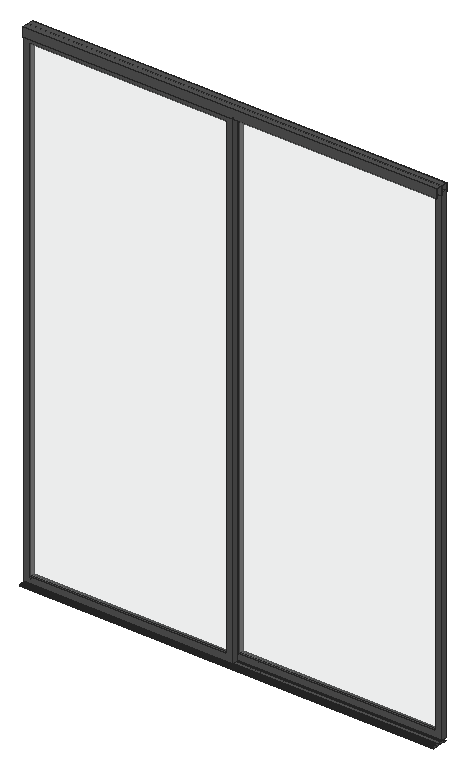
Revit family "Door_FTS RD_The Sliding Door Company_2-Panel Double Track (Ramped)", category Doors, host Wall, Revit 2019
Family settings
  Host = Wall
  OmniClass Number = 23.30.10.00
  OmniClass Title = Doors
  Always vertical = Yes
  Cut with Voids When Loaded = No
  Shared = No
  Room Calculation Point = No
Parameters (values of type "FTS Room Divider - 2 Panel 2 Track (Ramped) - AB/BA")
  Upper Track Material [instance] = TSDC - Casing/Upper Track - Powder Coated Black
  URL = "https://www.slidingdoorco.com"
  Thickness = 1 1/4"  # constant formula
  Stile and Rail = 1 1/2"
  Rough Width = Finished Opening Width + 5/8" * 2  # 102 1/4"
  Rough Height = Finished Opening Height + 5/8"  # 122 5/8"
  Panel Width 3" Frame = Width / 2 + 1 1/2"  # 52"
  Panel Width 1 1/2" Frame = Width / 2 + 3/4"  # 51 1/4"
  Panel Height = Height - 2 1/4"  # 119 3/4"
  Open [instance] = no
  Model = "FTS Room Divider - Full Height System"  # constant formula
  Manufacturer = "The Sliding Door Company"  # constant formula
  Limitations = "Panel Width x System Height cannot exceed 7,400 square inches"  # constant formula
  Glass Thickness = "Available in: 5mm Tempered, 7mm,10mm,11mm Laminated Glass"  # constant formula
  Glass Material [instance] = TSDC - Glass - Clear
  Function = Interior
  Height = if(Finished Opening Height > 122", 122", Finished Opening Height)  # 122"
  Wall Closure = By host
  Width = if(Finished Opening Width > 101", 101", Finished Opening Width)  # 101"
  Fire Rating = "N/A"  # constant formula
  Finished Opening Width = 101"
  Finished Opening Height = 122"
  Door Casing Material [instance] = TSDC - Casing/Upper Track - Powder Coated Black
  Description = "2 Panel System with Double Track (Ramped)"  # constant formula
  Contact The Sliding Door Company = "https://www.slidingdoorco.com/contact"
  Construction Type = "Top Mounted, Ramped Bottom Track"  # constant formula
  Configuration = "AB/BA Configuration"  # constant formula
  Closed [instance] = not(Open)  # yes
  Bottom Track Material [instance] = TSDC - Bottom Track - Powder Coated Black
  Analytic Construction = "<None>"
  3" Frame (No Support Dividers) = "Max. H=122 in., Max. W=101 in. (52 in. panel width)"  # constant formula
  1 1/2" Frame (No Support Dividers) = "Max. H=108 in., Max. W=97 in. (50 in. panel width)"  # constant formula
Reference planes (in)
  plane 1 "Center (Front/Back)": y = 0
  plane 2 "Center (Left/Right)": x = 0
  plane 3 "Top": z = 122
  plane 4 "Exterior": y = 6
  plane 5 "Interior": y = -6
  plane 6: x = -50.5
  plane 7: x = 50.5
  plane 8: z = 0.625
  plane 9 "2": z = 120.375
  plane 10 "3": z = 121.25
  plane 11: y = -0.67851
  plane 12 "Top": z = 96
  plane 13 "2": z = 94.375
  plane 14 "3": z = 95.25
  plane 15 "Top": z = 96
  plane 16 "2": z = 94.375
  plane 17 "3": z = 95.25
  plane 18 "Top": z = 80
  plane 19: x = -50
  plane 20: x = 50
  plane 21 "2": z = 78.375
  plane 22 "3": z = 79.25
  plane 23: x = -1.5
  plane 24: x = 1.5
Forms (in)
  Extrusion 1, solid, material "TSDC - Casing/Upper Track - Powder Coated Black" <- "Upper Track Material"
    sketch origin (0, 1.25781, 0) x (0, 1, 0) y (0, 0, 1)
      loop
        line (4.74219, 122) -> (1.56641, 122) -> (1.56641, 119.875) -> (1.625, 119.875) -> (1.625, 121.94141) -> (3.125, 121.94141) -> (3.125, 119.875) -> (3.18359, 119.875) -> (3.18359, 121.94141) -> (4.68359, 121.94141) -> (4.68359, 119.875) -> (4.74219, 119.875) -> (4.74219, 122)
    from -50.5 to 50.5
  Extrusion 2, solid, material "TSDC - Casing/Upper Track - Powder Coated Black" <- "Door Casing Material", visible <- "Closed"
    sketch origin (47.66587, 2.81641, 0) x (1, 0, 0) y (0, 0, 1)
      loop
        line (2.83413, 120.375) -> (-48.41587, 120.375) -> (-48.41587, 0.625) -> (2.83413, 0.625) -> (2.83413, 120.375)
      loop
        line (1.33413, 118.875) -> (-46.91587, 118.875) -> (-46.91587, 2.125) -> (1.33413, 2.125) -> (1.33413, 118.875)
    from -3 to -1.75
  Extrusion 3, solid, material "TSDC - Glass - Clear" <- "Glass Material", visible <- "Closed"
    sketch origin (47.66587, 2.31641, 0) x (1, 0, 0) y (0, 0, 1)
      loop
        line (1.33413, 118.875) -> (-46.91587, 118.875) -> (-46.91587, 2.125) -> (1.33413, 2.125) -> (1.33413, 118.875)
    from -3 to -2.75
  Extrusion 4, solid, material "TSDC - Casing/Upper Track - Powder Coated Black", not visible
    sketch origin (0, 0.8784, 0.00198) x (0, 1, 0) y (0, 0, 1)
      loop
        line (1.17662, -0.00198) -> (1.7466, -0.00198) -> (1.7466, 0.11422) -> (1.63872, 0.16601) -> (1.5898, 0.16) -> (1.58595, 0.19134) -> (1.49638, 0.23434) -> (1.44746, 0.22833) -> (1.44362, 0.25967) -> (1.35493, 0.30224) -> (1.30601, 0.29623) -> (1.30216, 0.32757) -> (1.21825, 0.36785)
        arc (1.21825, 0.36785) -> (1.19583, 0.37043) -> (1.17662, 0.35859) r 0.03449
        line (1.17662, 0.35859) -> (1.17662, 0.26961) -> (1.14379, 0.26961) -> (1.14379, 0.30227) -> (1.11271, 0.30227) -> (1.11271, 0.05752) -> (1.14379, 0.05752) -> (1.14379, 0.08934) -> (1.17662, 0.08934) -> (1.17662, -0.00198)
      loop
        line (1.6966, 0.05) -> (1.6966, 0.08276) -> (1.2346, 0.30454) -> (1.2346, 0.05) -> (1.6966, 0.05)
    from -50 to 50
  Extrusion 5, solid, material "TSDC - Casing/Upper Track - Powder Coated Black", not visible
    sketch origin (0, 0.8784, 0.00198) x (0, 1, 0) y (0, 0, 1)
      loop
        arc (1.17662, 0.34104) -> (1.17081, 0.35508) -> (1.15677, 0.36093) r 0.01985
        line (1.15677, 0.36093) -> (1.07541, 0.36093)
        arc (1.07541, 0.36093) -> (1.06136, 0.3551) -> (1.05556, 0.34103) r 0.01985
        line (1.05556, 0.34103) -> (1.05556, 0.20299) -> (0.9831, 0.20299) -> (0.9831, 0.28602)
        arc (0.9831, 0.28602) -> (0.87384, 0.39506) -> (0.76472, 0.28588) r 0.10919
        line (0.76472, 0.28588) -> (0.82428, 0.28588)
        arc (0.82428, 0.28588) -> (0.87397, 0.3355) -> (0.92354, 0.28575) r 0.04963
        line (0.92354, 0.28575) -> (0.92354, 0.14753) -> (1.05556, 0.10767) -> (1.05556, 0.05757) -> (0.38753, 0.05757) -> (0.38753, 0.36093) -> (-0.56932, 0.36093) -> (-0.56932, 0.20299) -> (-0.64178, 0.20299) -> (-0.64178, 0.28602)
        arc (-0.64178, 0.28602) -> (-0.75104, 0.39506) -> (-0.86016, 0.28588) r 0.10919
        line (-0.86016, 0.28588) -> (-0.8006, 0.28588)
        arc (-0.8006, 0.28588) -> (-0.75091, 0.3355) -> (-0.70134, 0.28575) r 0.04963
        line (-0.70134, 0.28575) -> (-0.70134, 0.14753) -> (-0.56932, 0.10767) -> (-0.56932, 0.05757) -> (-1.23735, 0.05757) -> (-1.23735, 0.36093) -> (-2.19421, 0.36093) -> (-2.19421, 0.20299) -> (-2.26667, 0.20299) -> (-2.26667, 0.28602)
        arc (-2.26667, 0.28602) -> (-2.37592, 0.39506) -> (-2.48504, 0.28588) r 0.10919
        line (-2.48504, 0.28588) -> (-2.42548, 0.28588)
        arc (-2.42548, 0.28588) -> (-2.37579, 0.3355) -> (-2.32622, 0.28575) r 0.04963
        line (-2.32622, 0.28575) -> (-2.32622, 0.14753) -> (-2.19421, 0.10767) -> (-2.19421, 0.05757) -> (-2.86223, 0.05757) -> (-2.86223, 0.34103)
        arc (-2.86223, 0.34103) -> (-2.86803, 0.3551) -> (-2.88208, 0.36093) r 0.01985
        line (-2.88208, 0.36093) -> (-2.96344, 0.36093)
        arc (-2.96344, 0.36093) -> (-2.97751, 0.35509) -> (-2.9833, 0.341) r 0.01985
        line (-2.9833, 0.341) -> (-2.9833, 0.26961) -> (-2.95059, 0.26961) -> (-2.95059, 0.30227) -> (-2.91939, 0.30227) -> (-2.91939, 0.05752) -> (-2.95046, 0.05752) -> (-2.95046, 0.08934) -> (-2.9833, 0.08934) -> (-2.9833, -0.00198) -> (-2.13705, -0.00198) -> (-2.10598, 0.05752) -> (-2.13705, 0.05752) -> (-2.13705, 0.30227) -> (-1.29451, 0.30227) -> (-1.29451, 0.05752) -> (-1.32558, 0.05752) -> (-1.29451, -0.00198) -> (-0.51217, -0.00198) -> (-0.4811, 0.05752) -> (-0.51217, 0.05752) -> (-0.51217, 0.30227) -> (0.33038, 0.30227) -> (0.33038, 0.05752) -> (0.2993, 0.05752) -> (0.33038, -0.00198) -> (1.17662, -0.00198) -> (1.17662, 0.08934) -> (1.14379, 0.08934) -> (1.14379, 0.05752) -> (1.11271, 0.05752) -> (1.11271, 0.30227) -> (1.14379, 0.30227) -> (1.14379, 0.26961) -> (1.17662, 0.26961) -> (1.17662, 0.34104)
    from -50 to 50
  Extrusion 6, solid, material "TSDC - Casing/Upper Track - Powder Coated Black", not visible
    sketch origin (0, -0.92827, 0.00198) x (0, -1, 0) y (0, 0, -1)
      loop
        line (1.17662, 0.00198) -> (1.17662, -0.08934) -> (1.14379, -0.08934) -> (1.14379, -0.05752) -> (1.11271, -0.05752) -> (1.11271, -0.30227) -> (1.14379, -0.30227) -> (1.14379, -0.26961) -> (1.17662, -0.26961) -> (1.17662, -0.35859)
        arc (1.17662, -0.35859) -> (1.19583, -0.37043) -> (1.21825, -0.36785) r 0.03449
        line (1.21825, -0.36785) -> (1.30216, -0.32757) -> (1.30601, -0.29623) -> (1.35493, -0.30224) -> (1.44362, -0.25967) -> (1.44746, -0.22833) -> (1.49638, -0.23434) -> (1.58595, -0.19134) -> (1.5898, -0.16) -> (1.63872, -0.16601) -> (1.7466, -0.11422) -> (1.7466, 0.00198) -> (1.17662, 0.00198)
      loop
        line (1.6966, -0.05) -> (1.2346, -0.05) -> (1.2346, -0.30454) -> (1.6966, -0.08276) -> (1.6966, -0.05)
    from -50 to 50
  Extrusion 7, solid, material "TSDC - Casing/Upper Track - Powder Coated Black", not visible
    sketch origin (0, 1.25781, 0) x (0, 1, 0) y (0, 0, 1)
      loop
        line (1.74219, 96) -> (-2.99219, 96) -> (-2.99219, 93.875) -> (-2.93359, 93.875) -> (-2.93359, 95.94141) -> (-1.43359, 95.94141) -> (-1.43359, 93.875) -> (-1.375, 93.875) -> (-1.375, 95.94141) -> (0.125, 95.94141) -> (0.125, 93.875) -> (0.18359, 93.875) -> (0.18359, 95.94141) -> (1.68359, 95.94141) -> (1.68359, 93.875) -> (1.74219, 93.875) -> (1.74219, 96)
    from -50 to 50
  Extrusion 8, solid, material "TSDC - Casing/Upper Track - Powder Coated Black", visible <- "Open", not visible
    sketch origin (-18.0008, 2.81641, 0) x (1, 0, 0) y (0, 0, 1)
      loop
        line (2.33413, 94.375) -> (-31.9992, 94.375) -> (-31.9992, 0.625) -> (2.33413, 0.625) -> (2.33413, 94.375)
      loop
        line (0.83413, 92.875) -> (-30.4992, 92.875) -> (-30.4992, 2.125) -> (0.83413, 2.125) -> (0.83413, 92.875)
    from 0 to 1.25
  Extrusion 9, solid, material "TSDC - Glass - Clear", visible <- "Open", not visible
    sketch origin (-18.0008, 2.31641, 0) x (1, 0, 0) y (0, 0, 1)
      loop
        line (0.83413, 92.875) -> (-30.4992, 92.875) -> (-30.4992, 2.125) -> (0.83413, 2.125) -> (0.83413, 92.875)
    from 0 to 0.25
  Extrusion 10, solid, material "TSDC - Casing/Upper Track - Powder Coated Black", visible <- "Open", not visible
    sketch origin (-44.66746, 1.25781, 0) x (1, 0, 0) y (0, 0, 1)
      loop
        line (29.0008, 94.375) -> (-5.33254, 94.375) -> (-5.33254, 0.625) -> (29.0008, 0.625) -> (29.0008, 94.375)
      loop
        line (27.5008, 92.875) -> (-3.83254, 92.875) -> (-3.83254, 2.125) -> (27.5008, 2.125) -> (27.5008, 92.875)
    from 0 to 1.25
  Extrusion 11, solid, material "TSDC - Glass - Clear", visible <- "Open", not visible
    sketch origin (-44.66746, 0.75781, 0) x (1, 0, 0) y (0, 0, 1)
      loop
        line (27.5008, 92.875) -> (-3.83254, 92.875) -> (-3.83254, 2.125) -> (27.5008, 2.125) -> (27.5008, 92.875)
    from 0 to 0.25
  Extrusion 12, solid, material "TSDC - Casing/Upper Track - Powder Coated Black", visible <- "Open", not visible
    sketch origin (-71.33413, -0.30078, 0) x (1, 0, 0) y (0, 0, 1)
      loop
        line (55.66746, 94.375) -> (21.33413, 94.375) -> (21.33413, 0.625) -> (55.66746, 0.625) -> (55.66746, 94.375)
      loop
        line (54.16746, 92.875) -> (22.83413, 92.875) -> (22.83413, 2.125) -> (54.16746, 2.125) -> (54.16746, 92.875)
    from 0 to 1.25
  Extrusion 13, solid, material "TSDC - Glass - Clear", visible <- "Open", not visible
    sketch origin (-71.33413, -0.80078, 0) x (1, 0, 0) y (0, 0, 1)
      loop
        line (54.16746, 92.875) -> (22.83413, 92.875) -> (22.83413, 2.125) -> (54.16746, 2.125) -> (54.16746, 92.875)
    from 0 to 0.25
  Extrusion 14, solid, material "TSDC - Casing/Upper Track - Powder Coated Black", visible <- "Closed", not visible
    sketch origin (-11.83413, 1.25781, 0) x (1, 0, 0) y (0, 0, 1)
      loop
        line (29.0008, 94.375) -> (-5.33254, 94.375) -> (-5.33254, 0.625) -> (29.0008, 0.625) -> (29.0008, 94.375)
      loop
        line (27.5008, 92.875) -> (-3.83254, 92.875) -> (-3.83254, 2.125) -> (27.5008, 2.125) -> (27.5008, 92.875)
    from 0 to 1.25
  Extrusion 15, solid, material "TSDC - Glass - Clear", visible <- "Closed", not visible
    sketch origin (-11.83413, 0.75781, 0) x (1, 0, 0) y (0, 0, 1)
      loop
        line (27.5008, 92.875) -> (-3.83254, 92.875) -> (-3.83254, 2.125) -> (27.5008, 2.125) -> (27.5008, 92.875)
    from 0 to 0.25
  Extrusion 16, solid, material "TSDC - Casing/Upper Track - Powder Coated Black", visible <- "Closed", not visible
    sketch origin (47.66587, 2.81641, 0) x (1, 0, 0) y (0, 0, 1)
      loop
        line (2.33413, 94.375) -> (-31.9992, 94.375) -> (-31.9992, 0.625) -> (2.33413, 0.625) -> (2.33413, 94.375)
      loop
        line (0.83413, 92.875) -> (-30.4992, 92.875) -> (-30.4992, 2.125) -> (0.83413, 2.125) -> (0.83413, 92.875)
    from 0 to 1.25
  Extrusion 17, solid, material "TSDC - Glass - Clear", visible <- "Closed", not visible
    sketch origin (47.66587, 2.31641, 0) x (1, 0, 0) y (0, 0, 1)
      loop
        line (0.83413, 92.875) -> (-30.4992, 92.875) -> (-30.4992, 2.125) -> (0.83413, 2.125) -> (0.83413, 92.875)
    from 0 to 0.25
  Extrusion 18, solid, material "TSDC - Casing/Upper Track - Powder Coated Black", visible <- "Closed", not visible
    sketch origin (-71.33413, -0.30078, 0) x (1, 0, 0) y (0, 0, 1)
      loop
        line (55.66746, 94.375) -> (21.33413, 94.375) -> (21.33413, 0.625) -> (55.66746, 0.625) -> (55.66746, 94.375)
      loop
        line (54.16746, 92.875) -> (22.83413, 92.875) -> (22.83413, 2.125) -> (54.16746, 2.125) -> (54.16746, 92.875)
    from 0 to 1.25
  Extrusion 19, solid, material "TSDC - Glass - Clear", visible <- "Closed", not visible
    sketch origin (-71.33413, -0.80078, 0) x (1, 0, 0) y (0, 0, 1)
      loop
        line (54.16746, 92.875) -> (22.83413, 92.875) -> (22.83413, 2.125) -> (54.16746, 2.125) -> (54.16746, 92.875)
    from 0 to 0.25
  Extrusion 20, solid, material "TSDC - Casing/Upper Track - Powder Coated Black", not visible
    sketch origin (0, 1.25781, 0) x (0, 1, 0) y (0, 0, 1)
      loop
        line (1.74219, 96) -> (-2.99219, 96) -> (-2.99219, 93.875) -> (-2.93359, 93.875) -> (-2.93359, 95.94141) -> (-1.43359, 95.94141) -> (-1.43359, 93.875) -> (-1.375, 93.875) -> (-1.375, 95.94141) -> (0.125, 95.94141) -> (0.125, 93.875) -> (0.18359, 93.875) -> (0.18359, 95.94141) -> (1.68359, 95.94141) -> (1.68359, 93.875) -> (1.74219, 93.875) -> (1.74219, 96)
    from -50 to 50
  Extrusion 21, solid, material "TSDC - Casing/Upper Track - Powder Coated Black", not visible
    sketch origin (0, 1.25781, 0) x (0, 1, 0) y (0, 0, 1)
      loop
        line (1.74219, 96) -> (-2.99219, 96) -> (-2.99219, 93.875) -> (-2.93359, 93.875) -> (-2.93359, 95.94141) -> (-1.43359, 95.94141) -> (-1.43359, 93.875) -> (-1.375, 93.875) -> (-1.375, 95.94141) -> (0.125, 95.94141) -> (0.125, 93.875) -> (0.18359, 93.875) -> (0.18359, 95.94141) -> (1.68359, 95.94141) -> (1.68359, 93.875) -> (1.74219, 93.875) -> (1.74219, 96)
    from -50 to 50
  Extrusion 22, solid, material "TSDC - Casing/Upper Track - Powder Coated Black", not visible
    sketch origin (0, 1.25781, 0) x (0, 1, 0) y (0, 0, 1)
      loop
        line (1.74219, 96) -> (-2.99219, 96) -> (-2.99219, 93.875) -> (-2.93359, 93.875) -> (-2.93359, 95.94141) -> (-1.43359, 95.94141) -> (-1.43359, 93.875) -> (-1.375, 93.875) -> (-1.375, 95.94141) -> (0.125, 95.94141) -> (0.125, 93.875) -> (0.18359, 93.875) -> (0.18359, 95.94141) -> (1.68359, 95.94141) -> (1.68359, 93.875) -> (1.74219, 93.875) -> (1.74219, 96)
    from -50 to 50
  Extrusion 23, solid, material "TSDC - Casing/Upper Track - Powder Coated Black", not visible
    sketch origin (0, 0.8784, 0.00198) x (0, 1, 0) y (0, 0, 1)
      loop
        line (1.17662, -0.00198) -> (1.7466, -0.00198) -> (1.7466, 0.11422) -> (1.63872, 0.16601) -> (1.5898, 0.16) -> (1.58595, 0.19134) -> (1.49638, 0.23434) -> (1.44746, 0.22833) -> (1.44362, 0.25967) -> (1.35493, 0.30224) -> (1.30601, 0.29623) -> (1.30216, 0.32757) -> (1.21825, 0.36785)
        arc (1.21825, 0.36785) -> (1.19583, 0.37043) -> (1.17662, 0.35859) r 0.03449
        line (1.17662, 0.35859) -> (1.17662, 0.26961) -> (1.14379, 0.26961) -> (1.14379, 0.30227) -> (1.11271, 0.30227) -> (1.11271, 0.05752) -> (1.14379, 0.05752) -> (1.14379, 0.08934) -> (1.17662, 0.08934) -> (1.17662, -0.00198)
      loop
        line (1.6966, 0.05) -> (1.6966, 0.08276) -> (1.2346, 0.30454) -> (1.2346, 0.05) -> (1.6966, 0.05)
    from -50 to 50
  Extrusion 24, solid, material "TSDC - Casing/Upper Track - Powder Coated Black", not visible
    sketch origin (0, 0.8784, 0.00198) x (0, 1, 0) y (0, 0, 1)
      loop
        arc (1.17662, 0.34104) -> (1.17081, 0.35508) -> (1.15677, 0.36093) r 0.01985
        line (1.15677, 0.36093) -> (1.07541, 0.36093)
        arc (1.07541, 0.36093) -> (1.06136, 0.3551) -> (1.05556, 0.34103) r 0.01985
        line (1.05556, 0.34103) -> (1.05556, 0.20299) -> (0.9831, 0.20299) -> (0.9831, 0.28602)
        arc (0.9831, 0.28602) -> (0.87384, 0.39506) -> (0.76472, 0.28588) r 0.10919
        line (0.76472, 0.28588) -> (0.82428, 0.28588)
        arc (0.82428, 0.28588) -> (0.87397, 0.3355) -> (0.92354, 0.28575) r 0.04963
        line (0.92354, 0.28575) -> (0.92354, 0.14753) -> (1.05556, 0.10767) -> (1.05556, 0.05757) -> (0.38753, 0.05757) -> (0.38753, 0.36093) -> (-0.56932, 0.36093) -> (-0.56932, 0.20299) -> (-0.64178, 0.20299) -> (-0.64178, 0.28602)
        arc (-0.64178, 0.28602) -> (-0.75104, 0.39506) -> (-0.86016, 0.28588) r 0.10919
        line (-0.86016, 0.28588) -> (-0.8006, 0.28588)
        arc (-0.8006, 0.28588) -> (-0.75091, 0.3355) -> (-0.70134, 0.28575) r 0.04963
        line (-0.70134, 0.28575) -> (-0.70134, 0.14753) -> (-0.56932, 0.10767) -> (-0.56932, 0.05757) -> (-1.23735, 0.05757) -> (-1.23735, 0.36093) -> (-2.19421, 0.36093) -> (-2.19421, 0.20299) -> (-2.26667, 0.20299) -> (-2.26667, 0.28602)
        arc (-2.26667, 0.28602) -> (-2.37592, 0.39506) -> (-2.48504, 0.28588) r 0.10919
        line (-2.48504, 0.28588) -> (-2.42548, 0.28588)
        arc (-2.42548, 0.28588) -> (-2.37579, 0.3355) -> (-2.32622, 0.28575) r 0.04963
        line (-2.32622, 0.28575) -> (-2.32622, 0.14753) -> (-2.19421, 0.10767) -> (-2.19421, 0.05757) -> (-2.86223, 0.05757) -> (-2.86223, 0.34103)
        arc (-2.86223, 0.34103) -> (-2.86803, 0.3551) -> (-2.88208, 0.36093) r 0.01985
        line (-2.88208, 0.36093) -> (-2.96344, 0.36093)
        arc (-2.96344, 0.36093) -> (-2.97751, 0.35509) -> (-2.9833, 0.341) r 0.01985
        line (-2.9833, 0.341) -> (-2.9833, 0.26961) -> (-2.95059, 0.26961) -> (-2.95059, 0.30227) -> (-2.91939, 0.30227) -> (-2.91939, 0.05752) -> (-2.95046, 0.05752) -> (-2.95046, 0.08934) -> (-2.9833, 0.08934) -> (-2.9833, -0.00198) -> (-2.13705, -0.00198) -> (-2.10598, 0.05752) -> (-2.13705, 0.05752) -> (-2.13705, 0.30227) -> (-1.29451, 0.30227) -> (-1.29451, 0.05752) -> (-1.32558, 0.05752) -> (-1.29451, -0.00198) -> (-0.51217, -0.00198) -> (-0.4811, 0.05752) -> (-0.51217, 0.05752) -> (-0.51217, 0.30227) -> (0.33038, 0.30227) -> (0.33038, 0.05752) -> (0.2993, 0.05752) -> (0.33038, -0.00198) -> (1.17662, -0.00198) -> (1.17662, 0.08934) -> (1.14379, 0.08934) -> (1.14379, 0.05752) -> (1.11271, 0.05752) -> (1.11271, 0.30227) -> (1.14379, 0.30227) -> (1.14379, 0.26961) -> (1.17662, 0.26961) -> (1.17662, 0.34104)
    from -50 to 50
  Extrusion 25, solid, material "TSDC - Casing/Upper Track - Powder Coated Black", not visible
    sketch origin (0, -0.92827, 0.00198) x (0, -1, 0) y (0, 0, -1)
      loop
        line (1.17662, 0.00198) -> (1.17662, -0.08934) -> (1.14379, -0.08934) -> (1.14379, -0.05752) -> (1.11271, -0.05752) -> (1.11271, -0.30227) -> (1.14379, -0.30227) -> (1.14379, -0.26961) -> (1.17662, -0.26961) -> (1.17662, -0.35859)
        arc (1.17662, -0.35859) -> (1.19583, -0.37043) -> (1.21825, -0.36785) r 0.03449
        line (1.21825, -0.36785) -> (1.30216, -0.32757) -> (1.30601, -0.29623) -> (1.35493, -0.30224) -> (1.44362, -0.25967) -> (1.44746, -0.22833) -> (1.49638, -0.23434) -> (1.58595, -0.19134) -> (1.5898, -0.16) -> (1.63872, -0.16601) -> (1.7466, -0.11422) -> (1.7466, 0.00198) -> (1.17662, 0.00198)
      loop
        line (1.6966, -0.05) -> (1.2346, -0.05) -> (1.2346, -0.30454) -> (1.6966, -0.08276) -> (1.6966, -0.05)
    from -50 to 50
  Extrusion 26, solid, material "TSDC - Casing/Upper Track - Powder Coated Black", not visible
    sketch origin (0, 1.25781, -16) x (0, 1, 0) y (0, 0, 1)
      loop
        line (1.74219, 96) -> (-2.99219, 96) -> (-2.99219, 93.875) -> (-2.93359, 93.875) -> (-2.93359, 95.94141) -> (-1.43359, 95.94141) -> (-1.43359, 93.875) -> (-1.375, 93.875) -> (-1.375, 95.94141) -> (0.125, 95.94141) -> (0.125, 93.875) -> (0.18359, 93.875) -> (0.18359, 95.94141) -> (1.68359, 95.94141) -> (1.68359, 93.875) -> (1.74219, 93.875) -> (1.74219, 96)
    from -50 to 50
  Extrusion 27, solid, material "TSDC - Casing/Upper Track - Powder Coated Black" <- "Door Casing Material", visible <- "Closed"
    sketch origin (-47.66587, 1.25781, 0) x (-1, 0, 0) y (0, 0, -1)
      loop
        line (2.83413, -120.375) -> (2.83413, -0.625) -> (-48.41587, -0.625) -> (-48.41587, -120.375) -> (2.83413, -120.375)
      loop
        line (1.33413, -118.875) -> (1.33413, -2.125) -> (-46.91587, -2.125) -> (-46.91587, -118.875) -> (1.33413, -118.875)
    from -3 to -1.75
  Extrusion 28, solid, material "TSDC - Glass - Clear" <- "Glass Material", visible <- "Closed"
    sketch origin (-47.66587, 0.75781, 0) x (-1, 0, 0) y (0, 0, -1)
      loop
        line (1.33413, -118.875) -> (1.33413, -2.125) -> (-46.91587, -2.125) -> (-46.91587, -118.875) -> (1.33413, -118.875)
    from -3 to -2.75
  Extrusion 29, solid, material "TSDC - Bottom Track - Powder Coated Black" <- "Bottom Track Material"
    sketch origin (0, 3.8784, 0.00198) x (0, 1, 0) y (0, 0, 1)
      loop
        line (1.17662, 0.26961) -> (1.17662, 0.34104)
        arc (1.17662, 0.34104) -> (1.17081, 0.35508) -> (1.15677, 0.36089) r 0.01985
        line (1.15677, 0.36089) -> (1.07541, 0.36093)
        arc (1.07541, 0.36093) -> (1.06136, 0.3551) -> (1.05556, 0.34103) r 0.01985
        line (1.05556, 0.34103) -> (1.05556, 0.20299) -> (0.9831, 0.20299) -> (0.9831, 0.28602)
        arc (0.9831, 0.28602) -> (0.87384, 0.39506) -> (0.76472, 0.28588) r 0.10919
        line (0.76472, 0.28588) -> (0.82428, 0.28588)
        arc (0.82428, 0.28588) -> (0.87397, 0.3355) -> (0.92354, 0.28575) r 0.04963
        line (0.92354, 0.28575) -> (0.92354, 0.14753) -> (1.05556, 0.10767) -> (1.05556, 0.05757) -> (0.38753, 0.05757) -> (0.38753, 0.36093) -> (-0.56932, 0.36093) -> (-0.56932, 0.20299) -> (-0.64178, 0.20299) -> (-0.64178, 0.28602)
        arc (-0.64178, 0.28602) -> (-0.75104, 0.39506) -> (-0.86016, 0.28588) r 0.10919
        line (-0.86016, 0.28588) -> (-0.8006, 0.28588)
        arc (-0.8006, 0.28588) -> (-0.75091, 0.3355) -> (-0.70134, 0.28575) r 0.04963
        line (-0.70134, 0.28575) -> (-0.70134, 0.14753) -> (-0.56932, 0.10767) -> (-0.56932, 0.05757) -> (-1.23735, 0.05757) -> (-1.23735, 0.34103)
        arc (-1.23735, 0.34103) -> (-1.24315, 0.3551) -> (-1.2572, 0.36093) r 0.01985
        line (-1.2572, 0.36093) -> (-1.33856, 0.36093)
        arc (-1.33856, 0.36093) -> (-1.35263, 0.35509) -> (-1.35841, 0.341) r 0.01985
        line (-1.35841, 0.341) -> (-1.35841, 0.26961) -> (-1.32571, 0.26961) -> (-1.32571, 0.30227) -> (-1.29451, 0.30227) -> (-1.29451, 0.05752) -> (-1.32558, 0.05752) -> (-1.32558, 0.08934) -> (-1.35841, 0.08934) -> (-1.35841, -0.00198) -> (-0.51217, -0.00198) -> (-0.4811, 0.05752) -> (-0.51217, 0.05752) -> (-0.51217, 0.30227) -> (0.33038, 0.30227) -> (0.33038, 0.05752) -> (0.2993, 0.05752) -> (0.33038, -0.00198) -> (1.17662, -0.00198) -> (1.17662, 0.08934) -> (1.14379, 0.08934) -> (1.14379, 0.05752) -> (1.11271, 0.05752) -> (1.11271, 0.30227) -> (1.14379, 0.30227) -> (1.14379, 0.26961) -> (1.17662, 0.26961)
    from -50.5 to 50.5
  Extrusion 30, solid, material "TSDC - Bottom Track - Powder Coated Black" <- "Bottom Track Material"
    sketch origin (0, 0.8784, 0.00198) x (0, 1, 0) y (0, 0, 1)
      loop
        line (4.11271, 0.05752) -> (4.14379, 0.05752) -> (4.14379, 0.08934) -> (4.17662, 0.08934) -> (4.17662, -0.00198) -> (4.7466, -0.00198) -> (4.7466, 0.11422) -> (4.63872, 0.16601) -> (4.5898, 0.16) -> (4.58595, 0.19134) -> (4.49638, 0.23434) -> (4.44746, 0.22833) -> (4.44362, 0.25967) -> (4.35493, 0.30224) -> (4.30601, 0.29623) -> (4.30216, 0.32757) -> (4.21825, 0.36785)
        arc (4.21825, 0.36785) -> (4.19583, 0.37043) -> (4.17662, 0.35859) r 0.03449
        line (4.17662, 0.35859) -> (4.17662, 0.26961) -> (4.14379, 0.26961) -> (4.14379, 0.30227) -> (4.11271, 0.30227) -> (4.11271, 0.05752)
      loop
        line (4.2346, 0.30454) -> (4.2346, 0.05) -> (4.6966, 0.05) -> (4.6966, 0.08276) -> (4.2346, 0.30454)
    from -50.5 to 50.5
  Extrusion 31, solid, material "TSDC - Casing/Upper Track - Powder Coated Black" <- "Door Casing Material", visible <- "Open"
    sketch origin (-1.33413, 2.81641, 0) x (1, 0, 0) y (0, 0, 1)
      loop
        line (2.08413, 120.375) -> (-49.16587, 120.375) -> (-49.16587, 0.625) -> (2.08413, 0.625) -> (2.08413, 120.375)
      loop
        line (0.58413, 118.875) -> (-47.66587, 118.875) -> (-47.66587, 2.125) -> (0.58413, 2.125) -> (0.58413, 118.875)
    from -3 to -1.75
  Extrusion 32, solid, material "TSDC - Glass - Clear" <- "Glass Material", visible <- "Open"
    sketch origin (-1.33413, 2.31641, 0) x (1, 0, 0) y (0, 0, 1)
      loop
        line (0.58413, 118.875) -> (-47.66587, 118.875) -> (-47.66587, 2.125) -> (0.58413, 2.125) -> (0.58413, 118.875)
    from -3 to -2.75
  Extrusion 33, solid, material "TSDC - Casing/Upper Track - Powder Coated Black" <- "Door Casing Material", visible <- "Open"
    sketch origin (-1.33413, 1.25781, 0) x (1, 0, 0) y (0, 0, 1)
      loop
        line (2.08413, 120.375) -> (-49.16587, 120.375) -> (-49.16587, 0.625) -> (2.08413, 0.625) -> (2.08413, 120.375)
      loop
        line (0.58413, 118.875) -> (-47.66587, 118.875) -> (-47.66587, 2.125) -> (0.58413, 2.125) -> (0.58413, 118.875)
    from -3 to -1.75
  Extrusion 34, solid, material "TSDC - Glass - Clear" <- "Glass Material", visible <- "Open"
    sketch origin (-1.33413, 0.75781, 0) x (1, 0, 0) y (0, 0, 1)
      loop
        line (0.58413, 118.875) -> (-47.66587, 118.875) -> (-47.66587, 2.125) -> (0.58413, 2.125) -> (0.58413, 118.875)
    from -3 to -2.75
  Extrusion 35, solid, material "TSDC - Bottom Track - Powder Coated Black" <- "Bottom Track Material"
    sketch origin (0, 3.69661, 0.00198) x (0, -1, 0) y (0, 0, -1)
      loop
        line (1.11271, -0.05752) -> (1.11271, -0.30227) -> (1.14379, -0.30227) -> (1.14379, -0.26961) -> (1.17662, -0.26961) -> (1.17662, -0.35859)
        arc (1.17662, -0.35859) -> (1.19583, -0.37043) -> (1.21825, -0.36785) r 0.03449
        line (1.21825, -0.36785) -> (1.30216, -0.32757) -> (1.30601, -0.29623) -> (1.35493, -0.30224) -> (1.44362, -0.25967) -> (1.44746, -0.22833) -> (1.49638, -0.23434) -> (1.58595, -0.19134) -> (1.5898, -0.16) -> (1.63872, -0.16601) -> (1.7466, -0.11422) -> (1.7466, 0.00198) -> (1.17662, 0.00198) -> (1.17662, -0.08934) -> (1.14379, -0.08934) -> (1.14379, -0.05752) -> (1.11271, -0.05752)
      loop
        line (1.2346, -0.30454) -> (1.6966, -0.08276) -> (1.6966, -0.05) -> (1.2346, -0.05) -> (1.2346, -0.30454)
    from -50.5 to 50.5
Lines and regions (in)
  Opening 1
    outline origin (-60, -6, 0) x (1, 0, 0) y (0, 0, 1)
      loop
        line (110.5, 122) -> (9.5, 122) -> (9.5, 0) -> (110.5, 0) -> (110.5, 122)
Text (in)
  text "Exterior" at (-165.54235, 27.31104, 0), in view "Ref. Level"
  text "Interior" at (-165.54235, -25.14366, 0), in view "Ref. Level"
  text "Exterior" at (0, 40.15149, 123.01588), in view "Right"
  text "Interior" at (0, -64.39139, 123.01588), in view "Right"
  text "Interior" at (0, -31.01599, 123.00693), in view "Left"
  text "Exterior" at (0, 54.57065, 123.00693), in view "Left"
Dimensions and locks (in)
  locked: plane 9 "2" to plane 3 "Top" at 1.625
  equal spacing: plane 6, plane 2 "Center (Left/Right)", plane 7
  locked: plane 10 "3" to plane 3 "Top" at 0.75
  "Stile and Rail": Extrusion 2 to Extrusion 2  (x4)
  "Height": level to plane 3 "Top"
  "Width": plane 6 to plane 7
  "Stile and Rail": Extrusion 27 to Extrusion 27  (x4)
  plane 4 "Exterior" to Extrusion 1 to Extrusion 1 to Extrusion 1 to Extrusion 1 to Extrusion 1 = 15/256" locked, 1 1/2" locked, 15/256" locked, 1 1/2" locked, 15/256" locked
  equal spacing: Extrusion 2, plane 2 "Center (Left/Right)", Extrusion 2
  equal spacing: Extrusion 27, plane 2 "Center (Left/Right)", Extrusion 27
  plane 23 to plane 24 = 3"  (x2)
  Extrusion 27 to Extrusion 27 = 51 1/4"
  Extrusion 2 to Extrusion 2 = 51 1/4"
  "Stile and Rail": Extrusion 31 to Extrusion 31  (x4)
  equal spacing: Extrusion 31, plane 2 "Center (Left/Right)", Extrusion 31
  "Stile and Rail": Extrusion 33 to Extrusion 33  (x4)
  equal spacing: Extrusion 33, plane 2 "Center (Left/Right)", Extrusion 33
  Extrusion 27 to Extrusion 27 to Extrusion 2 to Extrusion 2 to plane 4 "Exterior" = 1 1/4" locked, 79/256" locked, 1 1/4" locked, 47/256" locked
  Extrusion 28 to Extrusion 28 to Extrusion 3 to Extrusion 3 to plane 4 "Exterior" = 1/4" locked, 1 79/256" locked, 1/4" locked, 175/256" locked
  Extrusion 33 to Extrusion 33 to Extrusion 31 to Extrusion 31 to plane 4 "Exterior" = 1 1/4" locked, 79/256" locked, 1 1/4" locked, 47/256" locked
  Extrusion 34 to Extrusion 34 to Extrusion 32 to Extrusion 32 to plane 4 "Exterior" = 1/4" locked, 1 79/256" locked, 1/4" locked, 175/256" locked
  plane 4 "Exterior" to Extrusion 30 to Extrusion 30 to Extrusion 30 to Extrusion 29 to Extrusion 29 to Extrusion 29 to Extrusion 29 to Extrusion 29 to Extrusion 35 to Extrusion 35 = 3/8" locked, 0.56997" locked, 0.06391" locked, 0.72518" locked, 0.05716" locked, 0.84254" locked, 0.05716" locked, 0.66802" locked, 0.12107" locked, 0.56997" locked
  Extrusion 31 to Extrusion 31 = 51 1/4"
  aligned and locked: plane 4 "Exterior" to host wall
  aligned and locked: host wall to plane 5 "Interior"
  aligned and locked: Extrusion 1 to plane 6
  aligned and locked: plane 7 to Extrusion 1
  aligned and locked: Extrusion 3 to Extrusion 2  (x4)
  aligned and locked: Opening 1 sketch curve to Extrusion 1
  aligned and locked: Extrusion 27 to Extrusion 28
  aligned and locked: host wall to Extrusion 1 sketch curve
  aligned and locked: Extrusion 28 to Extrusion 27
  aligned and locked: Extrusion 28 to Extrusion 2
  aligned and locked: Extrusion 2 to Extrusion 28
  aligned and locked: Extrusion 32 to Extrusion 31  (x4)
  aligned and locked: Extrusion 34 to Extrusion 33  (x4)
  aligned and locked: Opening 1 sketch curve to plane 6
  aligned and locked: Extrusion 30 to Extrusion 29
  aligned and locked: Extrusion 29 to Extrusion 35
  aligned and locked: host wall to Extrusion 29  (x2)
  aligned and locked: Extrusion 29 to Extrusion 30
  aligned and locked: Extrusion 35 to Extrusion 29
Automatic sketch dimensions
  Extrusion 4 sketch curve to Extrusion 4 sketch curve = 0.03107"  (x2)
  Extrusion 4 sketch curve to Extrusion 4 sketch curve = 0.03284"  (x2)
  Extrusion 4 sketch curve to Extrusion 4 sketch curve = 0.0267"
  Extrusion 4 sketch curve to Extrusion 4 sketch curve = 0.01493"
  Extrusion 4 sketch curve to Extrusion 4 sketch curve = 0.05797"
  Extrusion 4 sketch curve to Extrusion 4 sketch curve = 0.06757"
  Extrusion 4 sketch curve to Extrusion 4 sketch curve = 0.00385"  (x3)
  Extrusion 4 sketch curve to Extrusion 4 sketch curve = 0.04892"  (x3)
  Extrusion 4 sketch curve to Extrusion 4 sketch curve = 0.08869"
  Extrusion 4 sketch curve to Extrusion 4 sketch curve = 0.08957"
  Extrusion 4 sketch curve to Extrusion 4 sketch curve = 0.05788"
  Extrusion 4 sketch curve to Extrusion 4 sketch curve = 0.05"
  Extrusion 4 sketch curve to Extrusion 4 sketch curve = 0.03276"
  Extrusion 4 sketch curve to Extrusion 4 sketch curve = 0.03182"
  Extrusion 4 sketch curve to Extrusion 4 sketch curve = 0.03146"
  Extrusion 4 sketch curve to Extrusion 4 sketch curve = 0.00601"  (x3)
  Extrusion 4 sketch curve to Extrusion 4 sketch curve = 0.09824"
  Extrusion 4 sketch curve to Extrusion 4 sketch curve = 0.03266"
  Extrusion 4 sketch curve to Extrusion 4 sketch curve = 0.06331"
  Extrusion 4 sketch curve to Extrusion 4 sketch curve = 0.03109"
  Extrusion 5 sketch curve to Extrusion 5 sketch curve = 0"  (x25)
  Extrusion 5 sketch curve to Extrusion 5 sketch curve = 0.01985"  (x3)
  Extrusion 5 sketch curve to Extrusion 5 sketch curve = 0.03271"
  Extrusion 5 sketch curve to Extrusion 5 sketch curve = 0.03284"  (x3)
  Extrusion 5 sketch curve to Extrusion 5 sketch curve = 0.03107"  (x9)
  Extrusion 5 sketch curve to Extrusion 5 sketch curve = 0.0373"
  Extrusion 5 sketch curve to Extrusion 5 sketch curve = 0.37719"  (x3)
  Extrusion 5 sketch curve to Extrusion 5 sketch curve = 0.05956"  (x6)
  Extrusion 5 sketch curve to Extrusion 5 sketch curve = 0.04963"  (x6)
  Extrusion 5 sketch curve to Extrusion 5 sketch curve = 0.07246"  (x4)
  Extrusion 5 sketch curve to Extrusion 5 sketch curve = 0.05716"  (x5)
  Extrusion 5 sketch curve to Extrusion 5 sketch curve = 0.7804"  (x2)
  Extrusion 5 sketch curve to Extrusion 5 sketch curve = 0.01299"
  Extrusion 5 sketch curve to Extrusion 5 sketch curve = 0.00005"  (x5)
  Extrusion 5 sketch curve to Extrusion 5 sketch curve = 0.03182"  (x2)
  Extrusion 5 sketch curve to Extrusion 5 sketch curve = 0.0501"  (x3)
  Extrusion 5 sketch curve to Extrusion 5 sketch curve = 0.03986"  (x2)
  Extrusion 5 sketch curve to Extrusion 5 sketch curve = 0.09532"  (x2)
  Extrusion 5 sketch curve to Extrusion 5 sketch curve = 0.05547"  (x2)
  Extrusion 5 sketch curve to Extrusion 5 sketch curve = 0.06662"
  Extrusion 5 sketch curve to Extrusion 5 sketch curve = 0.08276"  (x3)
  Extrusion 5 sketch curve to Extrusion 5 sketch curve = 0.00012"  (x3)
  Extrusion 5 sketch curve to Extrusion 5 sketch curve = 0.03266"  (x2)
  Extrusion 5 sketch curve to Extrusion 5 sketch curve = 0.24475"
  Extrusion 5 sketch curve to Extrusion 5 sketch curve = 0.09928"
  Extrusion 5 sketch curve to Extrusion 5 sketch curve = 0.03873"
  Extrusion 5 sketch curve to Extrusion 5 sketch curve = 0.03876"  (x2)
  Extrusion 5 sketch curve to Extrusion 5 sketch curve = 0.03877"
  Extrusion 5 sketch curve to Extrusion 5 sketch curve = 0.00007"
  Extrusion 5 sketch curve to Extrusion 5 sketch curve = 0.05866"  (x2)
  Extrusion 6 sketch curve to Extrusion 6 sketch curve = 0.03107"  (x2)
  Extrusion 6 sketch curve to Extrusion 6 sketch curve = 0.03284"  (x2)
  Extrusion 6 sketch curve to Extrusion 6 sketch curve = 0.0267"
  Extrusion 6 sketch curve to Extrusion 6 sketch curve = 0.01493"
  Extrusion 6 sketch curve to Extrusion 6 sketch curve = 0.05797"
  Extrusion 6 sketch curve to Extrusion 6 sketch curve = 0.06757"
  Extrusion 6 sketch curve to Extrusion 6 sketch curve = 0.00385"  (x3)
  Extrusion 6 sketch curve to Extrusion 6 sketch curve = 0.04892"  (x3)
  Extrusion 6 sketch curve to Extrusion 6 sketch curve = 0.08869"
  Extrusion 6 sketch curve to Extrusion 6 sketch curve = 0.08957"
  Extrusion 6 sketch curve to Extrusion 6 sketch curve = 0.05788"
  Extrusion 6 sketch curve to Extrusion 6 sketch curve = 0.05"
  Extrusion 6 sketch curve to Extrusion 6 sketch curve = 0.00926"
  Extrusion 6 sketch curve to Extrusion 6 sketch curve = 0.03134"  (x3)
  Extrusion 6 sketch curve to Extrusion 6 sketch curve = 0.03222"
  Extrusion 6 sketch curve to Extrusion 6 sketch curve = 0.05632"
  Extrusion 6 sketch curve to Extrusion 6 sketch curve = 0.03266"
  Extrusion 6 sketch curve to Extrusion 6 sketch curve = 0.06422"
  Extrusion 6 sketch curve to Extrusion 6 sketch curve = 0.03182"
  Extrusion 6 sketch curve to Extrusion 6 sketch curve = 0.03276"
  Extrusion 4 sketch curve to Extrusion 4 sketch curve = 0.05198"
  Extrusion 4 sketch curve to Extrusion 4 sketch curve = 0.05951"
  Extrusion 4 sketch curve to Extrusion 4 sketch curve = 0.07724"
  Extrusion 4 sketch curve to Extrusion 4 sketch curve = 0.03699"
  Extrusion 4 sketch curve to Extrusion 4 sketch curve = 0.18027"
  Extrusion 4 sketch curve to Extrusion 4 sketch curve = 0.00831"
  Extrusion 5 sketch curve to Extrusion 5 sketch curve = 0.05951"  (x6)
  Extrusion 5 sketch curve to Extrusion 5 sketch curve = 0.18027"
  Extrusion 6 sketch curve to Extrusion 6 sketch curve = 0.02303"
  Extrusion 6 sketch curve to Extrusion 6 sketch curve = 0.04257"
  Extrusion 6 sketch curve to Extrusion 6 sketch curve = 0.043"
  Extrusion 6 sketch curve to Extrusion 6 sketch curve = 0.05179"
  Extrusion 6 sketch curve to Extrusion 6 sketch curve = 0.03934"
  Extrusion 6 sketch curve to Extrusion 6 sketch curve = 0.05198"
  Extrusion 7 sketch curve to Extrusion 7 sketch curve = 15/256"  (x5)
  Extrusion 7 sketch curve to Extrusion 7 sketch curve = 0"  (x5)
  Extrusion 7 sketch curve to Extrusion 7 sketch curve = 1 1/2"  (x3)
  Extrusion 7 sketch curve to Extrusion 7 sketch curve = 2 17/256"
  Extrusion 8 sketch curve to Extrusion 8 sketch curve = 1 1/2"  (x4)
  Extrusion 8 sketch curve to Extrusion 8 sketch curve = 31.33333"
  Extrusion 8 sketch curve to Extrusion 8 sketch curve = 90 3/4"
  Extrusion 9 sketch curve to Extrusion 9 sketch curve = 31.33333"
  Extrusion 9 sketch curve to Extrusion 9 sketch curve = 90 3/4"
  Extrusion 10 sketch curve to Extrusion 10 sketch curve = 1 1/2"  (x4)
  Extrusion 10 sketch curve to Extrusion 10 sketch curve = 31.33333"
  Extrusion 10 sketch curve to Extrusion 10 sketch curve = 90 3/4"
  Extrusion 11 sketch curve to Extrusion 11 sketch curve = 31.33333"
  Extrusion 11 sketch curve to Extrusion 11 sketch curve = 90 3/4"
  Extrusion 12 sketch curve to Extrusion 12 sketch curve = 1 1/2"  (x4)
  Extrusion 12 sketch curve to Extrusion 12 sketch curve = 31.33333"
  Extrusion 12 sketch curve to Extrusion 12 sketch curve = 90 3/4"
  Extrusion 13 sketch curve to Extrusion 13 sketch curve = 31.33333"
  Extrusion 13 sketch curve to Extrusion 13 sketch curve = 90 3/4"
  Extrusion 14 sketch curve to Extrusion 14 sketch curve = 1 1/2"  (x4)
  Extrusion 14 sketch curve to Extrusion 14 sketch curve = 31.33333"
  Extrusion 14 sketch curve to Extrusion 14 sketch curve = 90 3/4"
  Extrusion 15 sketch curve to Extrusion 15 sketch curve = 31.33333"
  Extrusion 15 sketch curve to Extrusion 15 sketch curve = 90 3/4"
  Extrusion 16 sketch curve to Extrusion 16 sketch curve = 1 1/2"  (x4)
  Extrusion 16 sketch curve to Extrusion 16 sketch curve = 31.33333"
  Extrusion 16 sketch curve to Extrusion 16 sketch curve = 90 3/4"
  Extrusion 17 sketch curve to Extrusion 17 sketch curve = 31.33333"
  Extrusion 17 sketch curve to Extrusion 17 sketch curve = 90 3/4"
  Extrusion 18 sketch curve to Extrusion 18 sketch curve = 1 1/2"  (x4)
  Extrusion 18 sketch curve to Extrusion 18 sketch curve = 31.33333"
  Extrusion 18 sketch curve to Extrusion 18 sketch curve = 90 3/4"
  Extrusion 19 sketch curve to Extrusion 19 sketch curve = 31.33333"
  Extrusion 19 sketch curve to Extrusion 19 sketch curve = 90 3/4"
  Extrusion 20 sketch curve to Extrusion 20 sketch curve = 15/256"  (x5)
  Extrusion 20 sketch curve to Extrusion 20 sketch curve = 0"  (x5)
  Extrusion 20 sketch curve to Extrusion 20 sketch curve = 1 1/2"  (x3)
  Extrusion 20 sketch curve to Extrusion 20 sketch curve = 2 17/256"
  plane 13 "2" to Extrusion 21 sketch curve = 1/2"  (x4)
  Extrusion 21 sketch curve to Extrusion 21 sketch curve = 15/256"  (x4)
  plane 12 "Top" to Extrusion 21 sketch curve = 15/256"  (x2)
  Extrusion 21 sketch curve to Extrusion 21 sketch curve = 0"
  Extrusion 21 sketch curve to plane 12 "Top" = 0"
  Extrusion 21 sketch curve to Extrusion 21 sketch curve = 1 1/2"  (x3)
  plane 16 "2" to Extrusion 22 sketch curve = 1/2"  (x4)
  Extrusion 22 sketch curve to Extrusion 22 sketch curve = 15/256"  (x4)
  plane 15 "Top" to Extrusion 22 sketch curve = 15/256"  (x2)
  Extrusion 22 sketch curve to Extrusion 22 sketch curve = 0"
  Extrusion 22 sketch curve to plane 15 "Top" = 0"
  Extrusion 22 sketch curve to Extrusion 22 sketch curve = 1 1/2"  (x3)
  Extrusion 23 sketch curve to Extrusion 23 sketch curve = 0.03107"  (x2)
  Extrusion 23 sketch curve to Extrusion 23 sketch curve = 0.03284"  (x2)
  Extrusion 23 sketch curve to Extrusion 23 sketch curve = 0.0267"
  Extrusion 23 sketch curve to Extrusion 23 sketch curve = 0.01493"
  Extrusion 23 sketch curve to Extrusion 23 sketch curve = 0.05797"
  Extrusion 23 sketch curve to Extrusion 23 sketch curve = 0.06757"
  Extrusion 23 sketch curve to Extrusion 23 sketch curve = 0.00385"  (x3)
  Extrusion 23 sketch curve to Extrusion 23 sketch curve = 0.04892"  (x3)
  Extrusion 23 sketch curve to Extrusion 23 sketch curve = 0.08869"
  Extrusion 23 sketch curve to Extrusion 23 sketch curve = 0.08957"
  Extrusion 23 sketch curve to Extrusion 23 sketch curve = 0.05788"
  Extrusion 23 sketch curve to Extrusion 23 sketch curve = 0.05"
  Extrusion 23 sketch curve to Extrusion 23 sketch curve = 0.03276"
  Extrusion 23 sketch curve to Extrusion 23 sketch curve = 0.03182"
  Extrusion 23 sketch curve to Extrusion 23 sketch curve = 0.03146"
  Extrusion 23 sketch curve to Extrusion 23 sketch curve = 0.00601"  (x3)
  Extrusion 23 sketch curve to Extrusion 23 sketch curve = 0.09824"
  Extrusion 23 sketch curve to Extrusion 23 sketch curve = 0.03266"
  Extrusion 23 sketch curve to Extrusion 23 sketch curve = 0.06331"
  Extrusion 23 sketch curve to Extrusion 23 sketch curve = 0.03109"
  Extrusion 24 sketch curve to Extrusion 24 sketch curve = 0"  (x25)
  Extrusion 24 sketch curve to Extrusion 24 sketch curve = 0.01985"  (x3)
  Extrusion 24 sketch curve to Extrusion 24 sketch curve = 0.03271"
  Extrusion 24 sketch curve to Extrusion 24 sketch curve = 0.03284"  (x3)
  Extrusion 24 sketch curve to Extrusion 24 sketch curve = 0.03107"  (x9)
  Extrusion 24 sketch curve to Extrusion 24 sketch curve = 0.0373"
  Extrusion 24 sketch curve to Extrusion 24 sketch curve = 0.37719"  (x3)
  Extrusion 24 sketch curve to Extrusion 24 sketch curve = 0.05956"  (x6)
  Extrusion 24 sketch curve to Extrusion 24 sketch curve = 0.04963"  (x6)
  Extrusion 24 sketch curve to Extrusion 24 sketch curve = 0.07246"  (x4)
  Extrusion 24 sketch curve to Extrusion 24 sketch curve = 0.05716"  (x5)
  Extrusion 24 sketch curve to Extrusion 24 sketch curve = 0.7804"  (x2)
  Extrusion 24 sketch curve to Extrusion 24 sketch curve = 0.01299"
  Extrusion 24 sketch curve to Extrusion 24 sketch curve = 0.00005"  (x5)
  Extrusion 24 sketch curve to Extrusion 24 sketch curve = 0.03182"  (x2)
  Extrusion 24 sketch curve to Extrusion 24 sketch curve = 0.0501"  (x3)
  Extrusion 24 sketch curve to Extrusion 24 sketch curve = 0.03986"  (x2)
  Extrusion 24 sketch curve to Extrusion 24 sketch curve = 0.09532"  (x2)
  Extrusion 24 sketch curve to Extrusion 24 sketch curve = 0.05547"  (x2)
  Extrusion 24 sketch curve to Extrusion 24 sketch curve = 0.06662"
  Extrusion 24 sketch curve to Extrusion 24 sketch curve = 0.08276"  (x3)
  Extrusion 24 sketch curve to Extrusion 24 sketch curve = 0.00012"  (x3)
  Extrusion 24 sketch curve to Extrusion 24 sketch curve = 0.03266"  (x2)
  Extrusion 24 sketch curve to Extrusion 24 sketch curve = 0.24475"
  Extrusion 24 sketch curve to Extrusion 24 sketch curve = 0.09928"
  Extrusion 24 sketch curve to Extrusion 24 sketch curve = 0.03873"
  Extrusion 24 sketch curve to Extrusion 24 sketch curve = 0.03876"  (x2)
  Extrusion 24 sketch curve to Extrusion 24 sketch curve = 0.03877"
  Extrusion 24 sketch curve to Extrusion 24 sketch curve = 0.00007"
  Extrusion 24 sketch curve to Extrusion 24 sketch curve = 0.05866"  (x2)
  Extrusion 25 sketch curve to Extrusion 25 sketch curve = 0.03107"  (x2)
  Extrusion 25 sketch curve to Extrusion 25 sketch curve = 0.03284"  (x2)
  Extrusion 25 sketch curve to Extrusion 25 sketch curve = 0.0267"
  Extrusion 25 sketch curve to Extrusion 25 sketch curve = 0.01493"
  Extrusion 25 sketch curve to Extrusion 25 sketch curve = 0.05797"
  Extrusion 25 sketch curve to Extrusion 25 sketch curve = 0.06757"
  Extrusion 25 sketch curve to Extrusion 25 sketch curve = 0.00385"  (x3)
  Extrusion 25 sketch curve to Extrusion 25 sketch curve = 0.04892"  (x3)
  Extrusion 25 sketch curve to Extrusion 25 sketch curve = 0.08869"
  Extrusion 25 sketch curve to Extrusion 25 sketch curve = 0.08957"
  Extrusion 25 sketch curve to Extrusion 25 sketch curve = 0.05788"
  Extrusion 25 sketch curve to Extrusion 25 sketch curve = 0.05"
  Extrusion 25 sketch curve to Extrusion 25 sketch curve = 0.00926"
  Extrusion 25 sketch curve to Extrusion 25 sketch curve = 0.03134"  (x3)
  Extrusion 25 sketch curve to Extrusion 25 sketch curve = 0.03222"
  Extrusion 25 sketch curve to Extrusion 25 sketch curve = 0.05632"
  Extrusion 25 sketch curve to Extrusion 25 sketch curve = 0.03266"
  Extrusion 25 sketch curve to Extrusion 25 sketch curve = 0.06422"
  Extrusion 25 sketch curve to Extrusion 25 sketch curve = 0.03182"
  Extrusion 25 sketch curve to Extrusion 25 sketch curve = 0.03276"
  Extrusion 23 sketch curve to Extrusion 23 sketch curve = 0.05198"
  Extrusion 23 sketch curve to Extrusion 23 sketch curve = 0.05951"
  Extrusion 23 sketch curve to Extrusion 23 sketch curve = 0.07724"
  Extrusion 23 sketch curve to Extrusion 23 sketch curve = 0.03699"
  Extrusion 23 sketch curve to Extrusion 23 sketch curve = 0.18027"
  Extrusion 23 sketch curve to Extrusion 23 sketch curve = 0.00831"
  Extrusion 24 sketch curve to Extrusion 24 sketch curve = 0.05951"  (x6)
  Extrusion 24 sketch curve to Extrusion 24 sketch curve = 0.18027"
  Extrusion 25 sketch curve to Extrusion 25 sketch curve = 0.02303"
  Extrusion 25 sketch curve to Extrusion 25 sketch curve = 0.04257"
  Extrusion 25 sketch curve to Extrusion 25 sketch curve = 0.043"
  Extrusion 25 sketch curve to Extrusion 25 sketch curve = 0.05179"
  Extrusion 25 sketch curve to Extrusion 25 sketch curve = 0.03934"
  Extrusion 25 sketch curve to Extrusion 25 sketch curve = 0.05198"
  plane 21 "2" to Extrusion 26 sketch curve = 1/2"  (x4)
  Extrusion 26 sketch curve to Extrusion 26 sketch curve = 15/256"  (x4)
  plane 18 "Top" to Extrusion 26 sketch curve = 15/256"  (x2)
  Extrusion 26 sketch curve to Extrusion 26 sketch curve = 0"
  Extrusion 26 sketch curve to plane 18 "Top" = 0"
  Extrusion 26 sketch curve to Extrusion 26 sketch curve = 1 1/2"  (x3)
  plane 3 "Top" to Extrusion 1 sketch curve = 0"
  Extrusion 1 sketch curve to Extrusion 1 sketch curve = 15/256"  (x3)
  plane 3 "Top" to Extrusion 1 sketch curve = 15/256"  (x2)
  Extrusion 1 sketch curve to Extrusion 1 sketch curve = 1 1/2"  (x2)
  plane 9 "2" to Extrusion 1 sketch curve = 1/2"  (x3)
  Extrusion 2 sketch curve to plane 9 "2" = 0"
  Extrusion 2 sketch curve to plane 8 = 0"
  Extrusion 2 sketch curve to plane 7 = 0"
  Extrusion 2 sketch curve to plane 7 = 1 1/2"
  plane 2 "Center (Left/Right)" to Extrusion 2 sketch curve = 3/4"
  Extrusion 2 sketch curve to plane 2 "Center (Left/Right)" = 3/4"
  plane 8 to Extrusion 2 sketch curve = 1 1/2"
  plane 9 "2" to Extrusion 2 sketch curve = 1 1/2"
  plane 2 "Center (Left/Right)" to Extrusion 3 sketch curve = 3/4"
  Extrusion 3 sketch curve to plane 7 = 1 1/2"
  plane 8 to Extrusion 3 sketch curve = 1 1/2"
  plane 9 "2" to Extrusion 3 sketch curve = 1 1/2"
  Opening 1 sketch curve to plane 3 "Top" = 0"
  Opening 1 sketch curve to level = 0"
  Extrusion 27 sketch curve to plane 9 "2" = 0"
  Extrusion 27 sketch curve to plane 8 = 0"
  Extrusion 27 sketch curve to plane 6 = 0"
  plane 6 to Extrusion 27 sketch curve = 1 1/2"
  Extrusion 27 sketch curve to plane 2 "Center (Left/Right)" = 3/4"
  plane 2 "Center (Left/Right)" to Extrusion 27 sketch curve = 3/4"
  plane 9 "2" to Extrusion 27 sketch curve = 1 1/2"
  plane 8 to Extrusion 27 sketch curve = 1 1/2"
  Extrusion 28 sketch curve to plane 2 "Center (Left/Right)" = 3/4"
  plane 6 to Extrusion 28 sketch curve = 1 1/2"
  plane 9 "2" to Extrusion 28 sketch curve = 1 1/2"
  plane 8 to Extrusion 28 sketch curve = 1 1/2"
  Extrusion 29 sketch curve to Extrusion 29 sketch curve = 0"  (x10)
  Extrusion 29 sketch curve to level = 0"  (x2)
  Extrusion 29 sketch curve to plane 11 = 3.1985"
  Extrusion 29 sketch curve to Extrusion 29 sketch curve = 0.01985"  (x2)
  Extrusion 29 sketch curve to Extrusion 29 sketch curve = 0.01286"
  Extrusion 29 sketch curve to Extrusion 29 sketch curve = 0.03284"  (x3)
  Extrusion 29 sketch curve to Extrusion 29 sketch curve = 0.0312"
  Extrusion 29 sketch curve to Extrusion 29 sketch curve = 0.0373"
  Extrusion 29 sketch curve to Extrusion 29 sketch curve = 0.05716"  (x5)
  Extrusion 29 sketch curve to host wall = 3.01825"
  Extrusion 29 sketch curve to Extrusion 29 sketch curve = 0.05956"  (x4)
  Extrusion 29 sketch curve to Extrusion 29 sketch curve = 0.04963"  (x4)
  level to Extrusion 29 sketch curve = 0.05956"  (x2)
  Extrusion 29 sketch curve to Extrusion 29 sketch curve = 0.13202"  (x2)
  Extrusion 29 sketch curve to Extrusion 29 sketch curve = 0.07246"  (x2)
  Extrusion 29 sketch curve to Extrusion 29 sketch curve = 0.03107"  (x5)
  level to Extrusion 29 sketch curve = 0.05951"  (x2)
  Extrusion 29 sketch curve to Extrusion 29 sketch curve = 0.7804"
  level to Extrusion 29 sketch curve = 0.28786"
  Extrusion 29 sketch curve to Extrusion 29 sketch curve = 0.37719"
  level to Extrusion 29 sketch curve = 0.14951"
  Extrusion 29 sketch curve to Extrusion 29 sketch curve = 0.01299"
  Extrusion 29 sketch curve to Extrusion 29 sketch curve = 0.00005"  (x4)
  Extrusion 29 sketch curve to Extrusion 29 sketch curve = 0.03182"  (x2)
  Extrusion 29 sketch curve to Extrusion 29 sketch curve = 0.0501"  (x2)
  Extrusion 29 sketch curve to Extrusion 29 sketch curve = 0.03986"
  Extrusion 29 sketch curve to Extrusion 29 sketch curve = 0.05547"
  Extrusion 29 sketch curve to Extrusion 29 sketch curve = 0.09532"
  Extrusion 29 sketch curve to Extrusion 29 sketch curve = 0.06662"
  Extrusion 29 sketch curve to Extrusion 29 sketch curve = 0.18027"
  Extrusion 29 sketch curve to Extrusion 29 sketch curve = 0.08276"
  Extrusion 29 sketch curve to Extrusion 29 sketch curve = 0.00012"  (x2)
  Extrusion 29 sketch curve to Extrusion 29 sketch curve = 0.03266"  (x2)
  Extrusion 29 sketch curve to Extrusion 29 sketch curve = 0.09928"
  Extrusion 29 sketch curve to Extrusion 29 sketch curve = 0.03873"
  Extrusion 29 sketch curve to Extrusion 29 sketch curve = 0.03876"  (x2)
  Extrusion 29 sketch curve to Extrusion 29 sketch curve = 0.03877"
  Extrusion 29 sketch curve to Extrusion 29 sketch curve = 0.00007"
  Extrusion 29 sketch curve to Extrusion 29 sketch curve = 0.05866"
  Extrusion 29 sketch curve to Extrusion 29 sketch curve = 0.00004"
  Extrusion 30 sketch curve to level = 0"
  level to Extrusion 30 sketch curve = 0.05951"
  Extrusion 30 sketch curve to host wall = 1.00888"
  Extrusion 30 sketch curve to Extrusion 30 sketch curve = 0.03107"  (x2)
  Extrusion 30 sketch curve to Extrusion 30 sketch curve = 0.03284"  (x2)
  Extrusion 30 sketch curve to Extrusion 30 sketch curve = 0.0267"
  Extrusion 30 sketch curve to plane 8 = 0.25516"
  Extrusion 30 sketch curve to Extrusion 30 sketch curve = 0.01493"
  Extrusion 30 sketch curve to Extrusion 30 sketch curve = 0.03127"
  Extrusion 30 sketch curve to Extrusion 30 sketch curve = 0.06757"
  level to Extrusion 30 sketch curve = 0.29822"
  Extrusion 30 sketch curve to Extrusion 30 sketch curve = 0.00385"  (x3)
  Extrusion 30 sketch curve to Extrusion 30 sketch curve = 0.04892"  (x3)
  Extrusion 30 sketch curve to Extrusion 30 sketch curve = 0.08869"
  level to Extrusion 30 sketch curve = 0.23031"
  Extrusion 30 sketch curve to Extrusion 30 sketch curve = 0.08957"
  level to Extrusion 30 sketch curve = 0.16199"
  level to Extrusion 30 sketch curve = 0.08474"
  Extrusion 30 sketch curve to Extrusion 30 sketch curve = 0.05788"
  Extrusion 30 sketch curve to Extrusion 30 sketch curve = 0.05"
  level to Extrusion 30 sketch curve = 0.05198"
  Extrusion 30 sketch curve to Extrusion 30 sketch curve = 0.03182"
  Extrusion 30 sketch curve to Extrusion 30 sketch curve = 0.03146"
  Extrusion 30 sketch curve to Extrusion 30 sketch curve = 0.00601"  (x3)
  Extrusion 30 sketch curve to Extrusion 30 sketch curve = 0.09824"
  Extrusion 30 sketch curve to Extrusion 30 sketch curve = 0.03266"
  Extrusion 30 sketch curve to Extrusion 30 sketch curve = 0.06331"
  Extrusion 30 sketch curve to Extrusion 30 sketch curve = 0.03109"
  Extrusion 31 sketch curve to plane 6 = 0"
  Extrusion 31 sketch curve to plane 9 "2" = 0"
  Extrusion 31 sketch curve to plane 8 = 0"
  plane 6 to Extrusion 31 sketch curve = 1 1/2"
  Extrusion 31 sketch curve to plane 2 "Center (Left/Right)" = 3/4"
  plane 2 "Center (Left/Right)" to Extrusion 31 sketch curve = 3/4"
  plane 8 to Extrusion 31 sketch curve = 1 1/2"
  plane 9 "2" to Extrusion 31 sketch curve = 1 1/2"
  plane 6 to Extrusion 32 sketch curve = 1 1/2"
  Extrusion 32 sketch curve to plane 2 "Center (Left/Right)" = 3/4"
  plane 8 to Extrusion 32 sketch curve = 1 1/2"
  plane 9 "2" to Extrusion 32 sketch curve = 1 1/2"
  Extrusion 33 sketch curve to plane 6 = 0"
  Extrusion 33 sketch curve to plane 9 "2" = 0"
  Extrusion 33 sketch curve to plane 8 = 0"
  plane 6 to Extrusion 33 sketch curve = 1 1/2"
  Extrusion 33 sketch curve to plane 2 "Center (Left/Right)" = 3/4"
  plane 2 "Center (Left/Right)" to Extrusion 33 sketch curve = 3/4"
  plane 8 to Extrusion 33 sketch curve = 1 1/2"
  plane 9 "2" to Extrusion 33 sketch curve = 1 1/2"
  plane 6 to Extrusion 34 sketch curve = 1 1/2"
  Extrusion 34 sketch curve to plane 2 "Center (Left/Right)" = 3/4"
  plane 8 to Extrusion 34 sketch curve = 1 1/2"
  plane 9 "2" to Extrusion 34 sketch curve = 1 1/2"
  Extrusion 35 sketch curve to level = 0"
  level to Extrusion 35 sketch curve = 0.05951"
  Extrusion 35 sketch curve to plane 11 = 3.2624"
  Extrusion 35 sketch curve to Extrusion 35 sketch curve = 0.03107"  (x2)
  Extrusion 35 sketch curve to Extrusion 35 sketch curve = 0.03284"  (x2)
  Extrusion 35 sketch curve to Extrusion 35 sketch curve = 0.0267"
  Extrusion 35 sketch curve to plane 8 = 0.25516"
  Extrusion 35 sketch curve to Extrusion 35 sketch curve = 0.01493"
  Extrusion 35 sketch curve to Extrusion 35 sketch curve = 0.03127"
  Extrusion 35 sketch curve to Extrusion 35 sketch curve = 0.06757"
  level to Extrusion 35 sketch curve = 0.29822"
  Extrusion 35 sketch curve to Extrusion 35 sketch curve = 0.00385"  (x3)
  Extrusion 35 sketch curve to Extrusion 35 sketch curve = 0.04892"
  level to Extrusion 35 sketch curve = 0.26165"
  Extrusion 35 sketch curve to Extrusion 35 sketch curve = 0.08869"
  level to Extrusion 35 sketch curve = 0.23031"
  level to Extrusion 35 sketch curve = 0.23632"
  level to Extrusion 35 sketch curve = 0.19332"
  Extrusion 35 sketch curve to Extrusion 35 sketch curve = 0.08957"
  level to Extrusion 35 sketch curve = 0.16199"
  level to Extrusion 35 sketch curve = 0.16799"
  level to Extrusion 35 sketch curve = 0.08474"
  Extrusion 35 sketch curve to Extrusion 35 sketch curve = 0.05788"
  Extrusion 35 sketch curve to Extrusion 35 sketch curve = 0.05"
  Extrusion 35 sketch curve to Extrusion 35 sketch curve = 0.00926"
  Extrusion 35 sketch curve to Extrusion 35 sketch curve = 0.03134"
  Extrusion 35 sketch curve to Extrusion 35 sketch curve = 0.03222"
  Extrusion 35 sketch curve to Extrusion 35 sketch curve = 0.05632"
  Extrusion 35 sketch curve to Extrusion 35 sketch curve = 0.03266"
  Extrusion 35 sketch curve to Extrusion 35 sketch curve = 0.03146"
  Extrusion 35 sketch curve to Extrusion 35 sketch curve = 0.03182"
  level to Extrusion 35 sketch curve = 0.05198"
